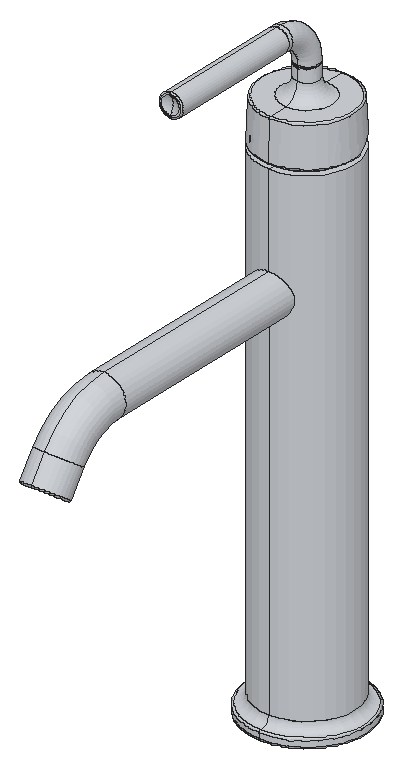
Revit family "Faucet-Lavatory-KOHLER-Purist-K-14404M_1", category Plumbing Fixtures, host Face, Revit 2017
Family settings
  Host = Face
  Round Connector Dimension = Use Diameter
  Part Type = Normal
  OmniClass Number = 23.31.11.00
  OmniClass Title = Faucets
  Cut with Voids When Loaded = No
  Shared = No
  Room Calculation Point = No
Parameters (values of type "CP-Polished Chrome")
  Width = 2 1/4"  # constant formula
  WaterSense Certified = 1 = 0  # no
  Waste Water Outlet = "Waste Water Outlet"  # constant formula
  Waste Connection = 1 = 0  # no
  Vent Connection = 1 = 0  # no
  URL = "https://la.kohler.com/es?country=MX"
  Type = 1
  Spout Reach = 6 1/4"  # constant formula
  Product Page URL = "https://la.kohler.com/es/product-detail/14404m-4a?skuid=K-14404M-4A-CP"
  Product Name = "Purist"  # constant formula
  Product Documentation Link = "http://resources.kohler.com/plumbing/kohlerla/pdf/14404T-4A%20PURIST%20Spec%20Sheet.pdf"
  Pressure = 0.00 psi
  Model = "K-14404M-4A-CP"  # constant formula
  Material = "Solid Brass Construction"  # constant formula
  Master Format 2014 Name = "Residential Faucets, Supplies, and Trim"  # constant formula
  Master Format 2014 = "22 41 39"  # constant formula
  Manufacturer Address = "KOHLER Co. 444 Highland Dr. Kohler, WI 53044"  # constant formula
  Manufacturer = "KOHLER Co."  # constant formula
  Length = Spout Reach  # 6 1/4"
  Hot Water Inlet = "Hot Water Inlet"  # constant formula
  Height = 12"  # constant formula
  Handle Clearance = 3 1/4"  # constant formula
  HW Connection = 1 = 1  # yes
  Flow Rate = 2.37 GPM  # constant formula
  Finish = Kohler-Metal-CP-Polished_Chrome
  Environmental Product Declaration = ""
  Drain Included = 1 = 0  # no
  Description = "Single lever basin mixer"  # constant formula
  Default Elevation = 36"
  Declare Label = ""
  Date Modified = "07/28/2020"  # constant formula
  Date Created = "07/28/2020"  # constant formula
  Copyright = "Copyright KOHLER Co."  # constant formula
  Contact Us = "https://la.kohler.com/es/contact-us-page"
  Cold Water Inlet = "Cold Water Inlet"  # constant formula
  CW Connection = 1 = 1  # yes
  Assembly Code = "D2010"
  ADA Compliant = 1 = 0  # no
Reference planes (in)
  plane 1 "Center (Front/Back)": y = 0
  plane 2: z = 0
  plane 3 "Center (Left/Right)": x = 0
  plane 4: x = 1.125
  plane 5: x = -1.125
  plane 6: z = 6.5
  plane 7: y = -6.25
  plane 8: y = -6.25
  plane 9: y = -3.25
  plane 10: z = 12
  plane 11: y = 1.125
  plane 12: y = -6.5636527
  plane 13: y = -1.125
  plane 14: x = -0.4045386
  plane 15: x = -0.2203338
  plane 16: x = 0.2203338
  plane 17: x = 0.4045386
  plane 18: x = -0.5908701
  plane 19: x = 0.5908701
  plane 20: z = 0.1700043
  plane 21: z = 0.3507654
  plane 22: x = -0.9098748
  plane 23: x = 0.9098748
  plane 24: z = 10.5397819
  plane 25: z = 9.6662017
  plane 26: y = 0.9098748
  plane 27: y = -0.9098748
  plane 28: z = 7.1132532
  plane 29: z = 7.9222937
Dimensions and locks (in)
  "Length": plane 1 "Center (Front/Back)" to plane 8
  plane 6 to host face = 6 1/2"
  "Width": plane 5 to plane 4
  "Height": plane 10 to level
  "Handle Clearance": plane 9 to plane 1 "Center (Front/Back)"
  "Spout Reach": plane 8 to plane 1 "Center (Front/Back)"
  aligned and locked: plane 2 to host face
  aligned and locked: level to host face
Automatic sketch dimensions
  host sketch curve to host sketch curve = 96"  (x2)
Nested families (in)
  nested 1: "K-14404M" at (0, 0, 0), type "K-14404M"
Connectors (in)
  piping at (-0.5908701, 0, 0), diameter 0.5, driven by "HW Connection", driven by "Flow Rate", driven by "Pressure", driven by "HW Connection", driven by "Hot Water Inlet"
    settings: on nested 1, index 1, connector inside diameter 24", connector length 0", flow factor 0, pipe flow 2.37 GPM, pressure drop 0.00 psi, fitting loss kfactor 0, connector angle 0.00°, fixture units 0, engagement length 0", angle of deflection 0.00°, flow configuration 1, flow direction 1, fitting loss method 0, system type 19, joint type 0, gender type 0, connector reference index -1, connector utility 1, adjustable connector yes, is connector primary yes, connector description "Hot Water Inlet"
  piping at (0.5908701, 0, 0), diameter 0.5, driven by "CW Connection", driven by "Flow Rate", driven by "Pressure", driven by "CW Connection", driven by "Cold Water Inlet"
    settings: on nested 1, index 2, connector inside diameter 24", connector length 0", flow factor 0, pipe flow 2.37 GPM, pressure drop 0.00 psi, fitting loss kfactor 0, connector angle 0.00°, fixture units 0, engagement length 0", angle of deflection 0.00°, flow configuration 1, flow direction 1, fitting loss method 0, system type 20, joint type 0, gender type 0, connector reference index -1, connector utility 1, adjustable connector yes, is connector primary no, connector description "Cold Water Inlet"
Definition of nested family "K-14404M"
  Parameters (values of type "K-14404M")
    Material = none
  Reference planes (in)
    plane 1 "Center (Front/Back)": y = 0
    plane 2: z = 0
    plane 3 "Center (Left/Right)": x = 0
    plane 4: y = -6.25
    plane 5: z = 12
    plane 6: y = 1.125
    plane 7: y = -1.125
    plane 8: z = 6.5
    plane 9: x = -1.125
    plane 10: x = 1.125
    plane 11: x = -0.5908701
  Forms (in)
    Revolve 1, solid, material <- "Material", detail levels medium+fine
      sketch origin (0, 0, 0) x (0, 1, 0) y (0, 0, 1)
        loop
          line (0, 0) -> (1.0948216, 0)
          arc (1.0948216, 0) -> (1.1161609, 0.0088391) -> (1.125, 0.0301784) r 0.0301784
          line (1.125, 0.0301784) -> (1.125, 0.1394723)
          arc (1.125, 0.1394723) -> (1.115861, 0.1612584) -> (1.0939142, 0.1700043) r 0.030537
          arc (1.0939142, 0.1700043) -> (0.963981, 0.2217838) -> (0.9098748, 0.3507654) r 0.1807903
          line (0.9098748, 0.3507654) -> (0.9098748, 9.6662017) -> (0.2301314, 9.6662017) -> (0.2301314, 10.3833969) -> (0.8274208, 10.3833969) -> (0.8490032, 9.7653587)
          arc (0.8490032, 9.7653587) -> (0.8541737, 9.7488183) -> (0.8670679, 9.7372398) r 0.032714
          arc (0.8670679, 9.7372398) -> (0.8922222, 9.7448516) -> (0.9089361, 9.7651328) r 0.0453692
          line (0.9089361, 9.7651328) -> (0.8829121, 10.5103634)
          arc (0.8829121, 10.5103634) -> (0.8736231, 10.5312267) -> (0.8524483, 10.5397819) r 0.0304823
          line (0.8524483, 10.5397819) -> (0.4785028, 10.5397819)
          arc (0.4785028, 10.5397819) -> (0.2974008, 10.6601367) -> (0.2247166, 10.8650764) r 0.3438529
          line (0.2247166, 10.8650764) -> (0.2203335, 11.0944245)
          arc (0.2203335, 11.0944245) -> (0.214153, 11.1087608) -> (0.1997012, 11.1146662) r 0.0206361
          arc (0.1997012, 11.1146662) -> (0.2141583, 11.1205768) -> (0.2203338, 11.1349228) r 0.0206361
          line (0.2203338, 11.1349228) -> (0, 11.1349228) -> (0, 0)
        axis (0, 0) -> (0, 11.1349228)
      angle from 0 to 360
    Sweep 2, solid, material <- "Material", detail levels medium+fine
      path origin (0, 0, 0.2662017) x (0, 1, 0) y (0, 0, 1)
        loop
          line (-0.7051607, 11.5134646) -> (-0.6249287, 11.5134646)
          arc (-0.6249287, 11.5134646) -> (-0.181871, 11.3176727) -> (0, 10.8687211) r 0.6450576
      profile origin (0, -0.6249287, 11.7796662) x (0, 0.031205, 0.999513) y (1, 0, 0)
        loop
          circle (0, 0) r 0.2203338
    Revolve 3, solid, material <- "Material", detail levels medium+fine
      sketch origin (0, 0, 0.2662017) x (0, 1, 0) y (0, 0, 1)
        loop
          line (-0.7051607, 11.5134646) -> (-0.7051607, 11.7337983) -> (-3.2294383, 11.7337983)
          arc (-3.2294383, 11.7337983) -> (-3.2439776, 11.727776) -> (-3.25, 11.7132366) r 0.0205617
          line (-3.25, 11.7132366) -> (-3.25, 11.681661)
          arc (-3.25, 11.681661) -> (-3.2127604, 11.6012008) -> (-3.1999943, 11.5134646) r 0.3078707
          line (-3.1999943, 11.5134646) -> (-0.7051607, 11.5134646)
        axis (-0.7051607, 11.5134646) -> (-3.25, 11.5134646)
      angle from 0 to 360
    Sweep 4, solid, material <- "Material", detail levels medium+fine
      path origin (0, 0, -0.0322266) x (0, 1, 0) y (0, 0, 1)
        loop
          line (-0.725, 7.55) -> (-4.8273691, 7.55)
          arc (-4.8273691, 7.55) -> (-5.4442653, 7.3990465) -> (-5.9217562, 6.9802981) r 1.336
      profile origin (0, -0.725, 7.5177734) x (0, 0, -1) y (1, 0, 0)
        loop
          circle (0, 0) r 0.4045202
    Revolve 5, solid, material <- "Material", detail levels medium+fine
      sketch origin (0, 0, 0.2573898) x (0, 1, 0) y (0, 0, 1)
        loop
          line (0, 9.4088118) -> (0.7728411, 9.4088118)
          arc (0.7728411, 9.4088118) -> (0.7316782, 9.4287456) -> (0.7150001, 9.4713318) r 0.0627092
          line (0.7150001, 9.4713318) -> (0.7150001, 9.7287423) -> (0.6929655, 9.7507769) -> (0, 9.7507769) -> (0, 9.4088118)
        axis (0, 9.4088118) -> (0, 9.7507769)
      angle from 0 to 360
    Extrusion 6, void
      sketch origin (0, 0.0030918, 0.233025) x (0, 1, 0) y (0, 0, 1)
        loop
          line (0.9537908, 9.7586013) -> (0.6917161, 9.7586013)
          arc (0.6917161, 9.7586013) -> (0.6534494, 9.7545793) -> (0.6168552, 9.7426891) r 0.1840527
          line (0.6168552, 9.7426891) -> (-0.0485036, 9.4464523) -> (0.9537908, 9.4464523) -> (0.9537908, 9.7586013)
      from -1.0564956 to 1.2496968
    Revolve 7, solid, material <- "Material", detail levels medium+fine
      sketch origin (0, 0, -0.0322266) x (0, 1, 0) y (0, 0, 1)
        loop
          line (-6.2377969, 6.5289453) -> (-5.9217562, 6.9802981) -> (-6.2531198, 7.2123214) -> (-6.5595432, 6.7747035)
          arc (-6.5595432, 6.7747035) -> (-6.5629834, 6.7591857) -> (-6.5544433, 6.7457805) r 0.0207671
          line (-6.5544433, 6.7457805) -> (-6.4972203, 6.7057125) -> (-6.4169993, 6.7437484) -> (-6.4589679, 6.683811) -> (-6.2377969, 6.5289453)
        axis (-6.2400912, 6.5256687) -> (-5.9217562, 6.9802981)
      angle from 0 to 360
    Extrusion 8, void
      sketch origin (0, 0, 0) x (1, 0, 0) y (0, 0, 1)
        loop
          circle (0, 10.2984538) r 0.1800096
      from -1.0898107 to -0.6004194
    Revolve 9, solid, material <- "Material", detail levels medium+fine
      sketch origin (0, 0, 0.25) x (0, 1, 0) y (0, 0, 1)
        loop
          line (0.7601772, 10.0483466) -> (0.9141853, 10.0483466)
          arc (0.9141853, 10.0483466) -> (0.9100062, 10.1258773) -> (0.8975174, 10.2025096) r 0.7212704
          arc (0.8975174, 10.2025096) -> (0.8758445, 10.2200747) -> (0.8539354, 10.2028051) r 0.0223407
          line (0.8539354, 10.2028051) -> (0.8111518, 10.2028051) -> (0.8111518, 10.2709159) -> (0.7601772, 10.2709159) -> (0.7601772, 10.0483466)
        axis (0.7601772, 10.0483466) -> (0.9141853, 10.0483466)
      angle from 0 to 360
    Revolve 10, solid, material <- "Material", detail levels coarse
      sketch origin (0, 0, 0) x (0, 1, 0) y (0, 0, 1)
        loop
          line (0, 0) -> (1.125, 0) -> (1.125, 0.25) -> (0.9098748, 0.25) -> (0.9098748, 9.6662017) -> (0.9098748, 10.5397819) -> (0, 10.5397819) -> (0, 0)
        axis (0, 0) -> (0, 10.5397819)
      angle from 0 to 360
    Sweep 11, solid, material <- "Material", detail levels coarse
      path origin (0, 0, 0) x (0, 1, 0) y (0, 0, 1)
        loop
          line (0, 10.5397819) -> (0, 11.1146662)
          arc (0, 11.1146662) -> (-0.1688503, 11.5823361) -> (-0.6252338, 11.7796672) r 0.6264229
          line (-0.6252338, 11.7796672) -> (-3.25, 11.7796672)
      profile origin (0, 0, 11.1146662) x (0, -1, 0) y (1, 0, 0)
        loop
          circle (0, 0) r 0.2315912
    Sweep 12, solid, material <- "Material", detail levels coarse
      path origin (0, 0, 0) x (0, 1, 0) y (0, 0, 1)
        loop
          line (-6.2400912, 6.4934422) -> (-5.9217562, 6.9480716)
          arc (-5.9217562, 6.9480716) -> (-5.4471148, 7.3653368) -> (-4.8337976, 7.5177734) r 1.3360366
          line (-4.8337976, 7.5177734) -> (-0.5837976, 7.5177734)
      profile origin (0, -2.7087976, 7.5177734) x (0, 0, -1) y (1, 0, 0)
        loop
          circle (0, 0) r 0.4315664
    Extrusion 13, solid, material <- "Material", detail levels medium+fine
      sketch origin (0, 0, 0) x (1, 0, 0) y (0, 1, 0)
        loop
          circle (-0.5908701, 0) r 0.25
        loop
          circle (0.5908701, 0) r 0.25
      from 0 to 0.1015625
  Cuts and joins
    Extrusion 6, Extrusion 8 cuts Revolve 1
    joined: Revolve 1, Revolve 3, Sweep 4, Revolve 5
    joined: Sweep 2, Revolve 7
    joined: Revolve 10, Sweep 11, Sweep 12
  Lines and regions (in)
    Masking region 1
      outline origin (0, 0, 0) x (0, 1, 0) y (0, 0, 1)
        loop
          line (0, 0) -> (1.0948216, 0)
          arc (1.0948216, 0) -> (1.1161609, 0.0088391) -> (1.125, 0.0301784) r 0.0301784
          line (1.125, 0.0301784) -> (1.125, 0.1394723)
          arc (1.125, 0.1394723) -> (1.115861, 0.1612584) -> (1.0939142, 0.1700043) r 0.030537
          arc (1.0939142, 0.1700043) -> (0.963981, 0.2217838) -> (0.9098748, 0.3507654) r 0.1807903
          line (0.9098748, 0.3507654) -> (0.9098748, 9.6662017) -> (0.7728411, 9.6662017)
          arc (0.7728411, 9.6662017) -> (0.7316782, 9.6861354) -> (0.7150001, 9.7287216) r 0.0627092
          line (0.7150001, 9.7287216) -> (0.7150001, 9.9916264) -> (0.9010268, 9.9916264) -> (0.8959445, 10.1371625)
          arc (0.8959445, 10.1371625) -> (0.9096106, 10.2172401) -> (0.9141853, 10.2983466) r 0.7212704
          arc (0.9141853, 10.2983466) -> (0.9063255, 10.404536) -> (0.8829177, 10.5084111) r 0.7212704
          arc (0.8829177, 10.5084111) -> (0.8743144, 10.5305374) -> (0.8524483, 10.5397819) r 0.0304823
          line (0.8524483, 10.5397819) -> (0.4785028, 10.5397819)
          arc (0.4785028, 10.5397819) -> (0.2974008, 10.6601367) -> (0.2247166, 10.8650764) r 0.3438529
          line (0.2247166, 10.8650764) -> (0.2203335, 11.0944245)
          arc (0.2203335, 11.0944245) -> (0.214153, 11.1087608) -> (0.1997012, 11.1146662) r 0.0206361
          arc (0.1997012, 11.1146662) -> (0.2141583, 11.1205768) -> (0.2203338, 11.1349228) r 0.0206361
          arc (0.2203338, 11.1349228) -> (-0.0317833, 11.7465065) -> (-0.6427977, 12) r 0.8631337
          line (-0.6427977, 12) -> (-3.2288774, 12)
          arc (-3.2288774, 12) -> (-3.2438133, 11.9938133) -> (-3.25, 11.9788774) r 0.0211226
          line (-3.25, 11.9788774) -> (-3.25, 11.580455)
          arc (-3.25, 11.580455) -> (-3.2438133, 11.5655191) -> (-3.2288774, 11.5593324) r 0.0211226
          line (-3.2288774, 11.5593324) -> (-0.6451467, 11.5593304)
          arc (-0.6451467, 11.5593304) -> (-0.3449018, 11.4350489) -> (-0.2203338, 11.1349228) r 0.4248131
          arc (-0.2203338, 11.1349228) -> (-0.2141583, 11.1205768) -> (-0.1997012, 11.1146662) r 0.0206361
          arc (-0.1997012, 11.1146662) -> (-0.214153, 11.1087608) -> (-0.2203335, 11.0944245) r 0.0206361
          line (-0.2203335, 11.0944245) -> (-0.2247166, 10.8650764)
          arc (-0.2247166, 10.8650764) -> (-0.2974008, 10.6601367) -> (-0.4785028, 10.5397819) r 0.3438529
          line (-0.4785028, 10.5397819) -> (-0.8524483, 10.5397819)
          arc (-0.8524483, 10.5397819) -> (-0.8736231, 10.5312267) -> (-0.8829121, 10.5103634) r 0.0304823
          line (-0.8829121, 10.5103634) -> (-0.9089361, 9.7651328)
          arc (-0.9089361, 9.7651328) -> (-0.8922222, 9.7448516) -> (-0.8670679, 9.7372398) r 0.0453692
          line (-0.8670679, 9.7372398) -> (-0.7155813, 9.7372398)
          arc (-0.7155813, 9.7372398) -> (-0.7288859, 9.6893678) -> (-0.7728411, 9.6662017) r 0.0627092
          line (-0.7728411, 9.6662017) -> (-0.9098748, 9.6662017) -> (-0.9098748, 7.9222937) -> (-4.8268613, 7.9222937)
          arc (-4.8268613, 7.9222937) -> (-5.6309945, 7.7255235) -> (-6.2534111, 7.1796789) r 1.7414956
          line (-6.2534111, 7.1796789) -> (-6.5595497, 6.7424676)
          arc (-6.5595497, 6.7424676) -> (-6.562988, 6.7269584) -> (-6.5544526, 6.7135604) r 0.0207558
          line (-6.5544526, 6.7135604) -> (-5.9257298, 6.2733239)
          arc (-5.9257298, 6.2733239) -> (-5.9102205, 6.2698856) -> (-5.8968225, 6.2784211) r 0.0207558
          line (-5.8968225, 6.2784211) -> (-5.5901055, 6.7164584)
          arc (-5.5901055, 6.7164584) -> (-5.2575352, 7.0081148) -> (-4.8278698, 7.1132532) r 0.9305179
          line (-4.8278698, 7.1132532) -> (-0.9098748, 7.1132532) -> (-0.9098748, 0.3507654)
          arc (-0.9098748, 0.3507654) -> (-0.963981, 0.2217838) -> (-1.0939142, 0.1700043) r 0.1807903
          arc (-1.0939142, 0.1700043) -> (-1.115861, 0.1612584) -> (-1.125, 0.1394723) r 0.030537
          line (-1.125, 0.1394723) -> (-1.125, 0.0301784)
          arc (-1.125, 0.0301784) -> (-1.1161609, 0.0088391) -> (-1.0948216, 0) r 0.0301784
          line (-1.0948216, 0) -> (0, 0)
    Masking region 2
      outline origin (0, 0, 0) x (1, 0, 0) y (0, 0, 1)
        loop
          line (0, 0) -> (1.0948216, 0)
          arc (1.0948216, 0) -> (1.1161609, 0.0088391) -> (1.125, 0.0301784) r 0.0301784
          line (1.125, 0.0301784) -> (1.125, 0.1394723)
          arc (1.125, 0.1394723) -> (1.115861, 0.1612584) -> (1.0939142, 0.1700043) r 0.030537
          arc (1.0939142, 0.1700043) -> (0.963981, 0.2217838) -> (0.9098748, 0.3507654) r 0.1807903
          line (0.9098748, 0.3507654) -> (0.9098748, 8.1547645) -> (0.9098748, 9.6662017) -> (0.7728411, 9.6662017)
          arc (0.7728411, 9.6662017) -> (0.7288859, 9.6893678) -> (0.7155813, 9.7372398) r 0.0627092
          line (0.7155813, 9.7372398) -> (0.8670679, 9.7372398)
          arc (0.8670679, 9.7372398) -> (0.8922222, 9.7448516) -> (0.9089361, 9.7651328) r 0.0453692
          line (0.9089361, 9.7651328) -> (0.8829121, 10.5103634)
          arc (0.8829121, 10.5103634) -> (0.8736231, 10.5312267) -> (0.8524483, 10.5397819) r 0.0304823
          line (0.8524483, 10.5397819) -> (0.4785028, 10.5397819)
          arc (0.4785028, 10.5397819) -> (0.2974008, 10.6601367) -> (0.2247166, 10.8650764) r 0.3438529
          line (0.2247166, 10.8650764) -> (0.2203335, 11.0944245)
          arc (0.2203335, 11.0944245) -> (0.214153, 11.1087608) -> (0.1997012, 11.1146662) r 0.0206361
          arc (0.1997012, 11.1146662) -> (0.2141583, 11.1205768) -> (0.2203338, 11.1349228) r 0.0206361
          line (0.2203338, 11.1349228) -> (0.2203338, 11.7796662)
          arc (0.2203338, 11.7796662) -> (0.1557995, 11.9354657) -> (0, 12) r 0.2203338
          arc (0, 12) -> (-0.1557995, 11.9354657) -> (-0.2203338, 11.7796662) r 0.2203338
          line (-0.2203338, 11.7796662) -> (-0.2203338, 11.1349228)
          arc (-0.2203338, 11.1349228) -> (-0.2141583, 11.1205768) -> (-0.1997012, 11.1146662) r 0.0206361
          arc (-0.1997012, 11.1146662) -> (-0.214153, 11.1087608) -> (-0.2203335, 11.0944245) r 0.0206361
          line (-0.2203335, 11.0944245) -> (-0.2247166, 10.8650764)
          arc (-0.2247166, 10.8650764) -> (-0.2974008, 10.6601367) -> (-0.4785028, 10.5397819) r 0.3438529
          line (-0.4785028, 10.5397819) -> (-0.8524483, 10.5397819)
          arc (-0.8524483, 10.5397819) -> (-0.8736231, 10.5312267) -> (-0.8829121, 10.5103634) r 0.0304823
          line (-0.8829121, 10.5103634) -> (-0.9089361, 9.7651328)
          arc (-0.9089361, 9.7651328) -> (-0.8922222, 9.7448516) -> (-0.8670679, 9.7372398) r 0.0453692
          line (-0.8670679, 9.7372398) -> (-0.7155813, 9.7372398)
          arc (-0.7155813, 9.7372398) -> (-0.7288859, 9.6893678) -> (-0.7728411, 9.6662017) r 0.0627092
          line (-0.7728411, 9.6662017) -> (-0.9098748, 9.6662017) -> (-0.9098748, 0.3507654)
          arc (-0.9098748, 0.3507654) -> (-0.963981, 0.2217838) -> (-1.0939142, 0.1700043) r 0.1807903
          arc (-1.0939142, 0.1700043) -> (-1.115861, 0.1612584) -> (-1.125, 0.1394723) r 0.030537
          line (-1.125, 0.1394723) -> (-1.125, 0.0301784)
          arc (-1.125, 0.0301784) -> (-1.1161609, 0.0088391) -> (-1.0948216, 0) r 0.0301784
          line (-1.0948216, 0) -> (0, 0)
    Masking region 3
      outline origin (0, 0, 0) x (1, 0, 0) y (0, 1, 0)
        loop
          arc (0.4045386, -1.0497493) -> (0, 1.125) -> (-0.4045386, -1.0497493) r 1.125
          line (-0.4045386, -1.0497493) -> (-0.4045386, -6.2259441)
          arc (-0.4045386, -6.2259441) -> (-0.3777546, -6.3496583) -> (-0.3021994, -6.4512162) r 0.2991073
          arc (-0.3021994, -6.4512162) -> (-0.161378, -6.5349524) -> (0, -6.5632285) r 0.4538228
          arc (0, -6.5632285) -> (0.161378, -6.5349524) -> (0.3021994, -6.4512162) r 0.4538228
          arc (0.3021994, -6.4512162) -> (0.3777546, -6.3496583) -> (0.4045386, -6.2259441) r 0.2991073
          line (0.4045386, -6.2259441) -> (0.4045386, -1.0497493)
    symbolic lines, detail levels medium+fine
      curve 1: arc (0.2203338, -0.8827939, 0) -> (0, 0.9098748, 0) -> (-0.2203338, -0.8827939, 0) r 0.9098748
      curve 2: arc (-0.2203338, 0, 0) -> (0, 0.2203338, 0) -> (0.2203338, 0, 0) r 0.2203338
      curve 3: line (-0.2203338, 0, 0) -> (-0.2203338, -3.2309174, 0)
      curve 4: line (0, -3.25, 0) -> (-0.2012512, -3.25, 0)
      curve 5: arc (-0.2012512, -3.25, 0) -> (-0.2147446, -3.2444108, 0) -> (-0.2203338, -3.2309174, 0) r 0.0190826
      curve 6: line (0.2203338, 0, 0) -> (0.2203338, -3.2309174, 0)
      curve 7: line (0, -3.25, 0) -> (0.2012512, -3.25, 0)
      curve 8: arc (0.2012512, -3.25, 0) -> (0.2147446, -3.2444108, 0) -> (0.2203338, -3.2309174, 0) r 0.0190826
      curve 9: line (-0.4045386, -1.0497493, 0) -> (-0.4045386, -0.8149973, 0)
      curve 10: line (0.4045386, -1.0497493, 0) -> (0.4045386, -0.8149973, 0)
      curve 11: arc (0.2203338, -0.4247564, 0) -> (0, 0.4785028, 0) -> (-0.2203338, -0.4247564, 0) r 0.4785028
      curve 12: arc (-0.1601181, 0.8956753, 0) -> (0, 0.9152965, 0) -> (0.1601181, 0.8956753, 0) r 0.6631325
      curve 13: spline (-0.4045202, -5.9217562, 0) -> (-0.3907365, -6.0075194, 0) -> (-0.3503248, -6.087438, 0) -> (-0.286039, -6.1560657, 0) -> (-0.2022601, -6.2087255, 0) -> (-0.1046975, -6.2418289, 0) -> (0, -6.2531198, 0) -> (0.1046975, -6.2418289, 0) -> (0.2022601, -6.2087255, 0) -> (0.286039, -6.1560657, 0) -> (0.3503248, -6.087438, 0) -> (0.3907365, -6.0075194, 0) -> (0.4045202, -5.9217562, 0)
      curve 14: line (0, 0.1997012, 11.1146662) -> (0, -0.1997012, 11.1146662)
      curve 15: line (0, 0.4785028, 10.5397819) -> (0, -0.4785028, 10.5397819)
      curve 16: arc (0, 0.8829177, 10.5084111) -> (0, 0.8729193, 10.3220928) -> (0, 0.8958902, 10.1369259) r 1.0553215
      curve 17: line (0, 0.6199469, 9.9757142) -> (0, 0.0843246, 9.7372398)
      curve 18: line (0, -0.7155813, 9.7372398) -> (0, 0.0843246, 9.7372398)
      curve 19: line (0, -0.9089361, 9.7651328) -> (0, 0.0797463, 9.7651328)
      curve 20: arc (0, 0.7150001, 9.9916264) -> (0, 0.6664616, 9.989715) -> (0, 0.6199469, 9.9757142) r 0.1925029
      curve 21: line (0, 0.6088252, 10.000694) -> (0, 0.0797463, 9.7651328)
      curve 22: arc (0, 0.7173801, 10.0188664) -> (0, 0.661947, 10.0166835) -> (0, 0.6088252, 10.000694) r 0.2198466
      curve 23: line (0, 0.7173801, 10.0188664) -> (0, 0.9000755, 10.0188664)
      curve 24: line (0, 0.7728411, 9.6662017) -> (0, -0.7728411, 9.6662017)
      curve 25: line (0, -0.9098748, 7.1132532) -> (0, -0.9098748, 7.9222937)
      curve 26: line (0, 1.0939142, 0.1700043) -> (0, -1.0939142, 0.1700043)
      curve 27: line (0, -0.9098748, 0.3507654) -> (0, 0.9098748, 0.3507654)
      curve 28: line (0, -6.2531198, 7.1800948) -> (0, -5.5903927, 6.7160483)
      curve 29: arc (-0.2203338, 0, 11.7796662) -> (0, 0, 11.5593324) -> (0.2203338, 0, 11.7796662) r 0.2203338
      curve 30: line (-0.1997012, 0, 11.1146662) -> (0.1997012, 0, 11.1146662)
      curve 31: line (-0.4785028, 0, 10.5397819) -> (0.4785028, 0, 10.5397819)
      curve 32: line (-0.7155813, 0, 9.7372398) -> (0.7155813, 0, 9.7372398)
      curve 33: line (0.7728411, 0, 9.6662017) -> (-0.7728411, 0, 9.6662017)
      curve 34: arc (-0.4045202, 0, 7.5177734) -> (0, 0, 7.9222937) -> (0.4045202, 0, 7.5177734) r 0.4045202
      curve 35: line (-0.4045202, 0, 7.5177734) -> (-0.4045202, 0, 6.5)
      curve 36: line (0.4045202, 0, 7.5177734) -> (0.4045202, 0, 6.5)
      curve 37: spline (0, 0, 6.6734859) -> (0.0812424, 0, 6.6673511) -> (0.1569483, 0, 6.6493646) -> (0.2219585, 0, 6.6207523) -> (0.2718425, 0, 6.583464) -> (0.3032009, 0, 6.5400409) -> (0.3138967, 0, 6.4934422) -> (0.3032009, 0, 6.4468434) -> (0.2718425, 0, 6.4034203) -> (0.2219585, 0, 6.366132) -> (0.1569483, 0, 6.3375197) -> (0.0812424, 0, 6.3195333) -> (0, 0, 6.3133984)
      curve 38: spline (0, 0, 6.3133984) -> (-0.0812424, 0, 6.3195333) -> (-0.1569483, 0, 6.3375197) -> (-0.2219585, 0, 6.366132) -> (-0.2718425, 0, 6.4034203) -> (-0.3032009, 0, 6.4468434) -> (-0.3138967, 0, 6.4934422) -> (-0.3032009, 0, 6.5400409) -> (-0.2718425, 0, 6.583464) -> (-0.2219585, 0, 6.6207523) -> (-0.1569483, 0, 6.6493646) -> (-0.0812424, 0, 6.6673511) -> (0, 0, 6.6734859)
      curve 39: spline (0, 0, 6.3418531) -> (-0.0698811, 0, 6.3471301) -> (-0.135, 0, 6.3626012) -> (-0.1909188, 0, 6.3872122) -> (-0.2338269, 0, 6.419286) -> (-0.2608, 0, 6.4566366) -> (-0.27, 0, 6.4967188) -> (-0.2608, 0, 6.536801) -> (-0.2338269, 0, 6.5741516) -> (-0.1909188, 0, 6.6062253) -> (-0.135, 0, 6.6308364) -> (-0.0698811, 0, 6.6463075) -> (0, 0, 6.6515844)
      curve 40: spline (0, 0, 6.6515844) -> (0.0698811, 0, 6.6463075) -> (0.135, 0, 6.6308364) -> (0.1909188, 0, 6.6062253) -> (0.2338269, 0, 6.5741516) -> (0.2608, 0, 6.536801) -> (0.27, 0, 6.4967188) -> (0.2608, 0, 6.4566366) -> (0.2338269, 0, 6.419286) -> (0.1909188, 0, 6.3872122) -> (0.135, 0, 6.3626012) -> (0.0698811, 0, 6.3471301) -> (0, 0, 6.3418531)
      curve 41: spline (0.2648963, 0, 6.5266875) -> (0.2460822, 0, 6.492931) -> (0.2143813, 0, 6.4625117) -> (0.1714538, 0, 6.4370224) -> (0.1195476, 0, 6.4177982) -> (0.061381, 0, 6.4058456) -> (0, 0, 6.4017906) -> (-0.061381, 0, 6.4058456) -> (-0.1195476, 0, 6.4177982) -> (-0.1714538, 0, 6.4370224) -> (-0.2143813, 0, 6.4625117) -> (-0.2460822, 0, 6.492931) -> (-0.2648963, 0, 6.5266875)
      curve 42: arc (-0.2018428, 0, 6.3008461) -> (-0.1021191, 0, 6.2775002) -> (0, 0, 6.2696569) r 0.6687145
      curve 43: arc (-0.3322244, 0, 6.3716932) -> (-0.2704292, 0, 6.3300206) -> (-0.2018428, 0, 6.3008461) r 0.3905578
      curve 44: arc (-0.390629, 0, 6.4485136) -> (-0.3658999, 0, 6.4067025) -> (-0.3322244, 0, 6.3716932) r 0.2099658
      curve 45: arc (-0.4045202, 0, 6.5) -> (-0.3995691, 0, 6.4737187) -> (-0.390629, 0, 6.4485136) r 0.1731134
      curve 46: arc (0.2018428, 0, 6.3008461) -> (0.1021191, 0, 6.2775002) -> (0, 0, 6.2696569) r 0.6687145
      curve 47: arc (0.3322244, 0, 6.3716932) -> (0.2704292, 0, 6.3300206) -> (0.2018428, 0, 6.3008461) r 0.3905578
      curve 48: arc (0.390629, 0, 6.4485136) -> (0.3658999, 0, 6.4067025) -> (0.3322244, 0, 6.3716932) r 0.2099658
      curve 49: arc (0.4045202, 0, 6.5) -> (0.3995691, 0, 6.4737187) -> (0.390629, 0, 6.4485136) r 0.1731134
      curve 50: spline (-0.4045202, 0, 6.9480716) -> (-0.3907365, 0, 7.0081236) -> (-0.3503248, 0, 7.0640832) -> (-0.286039, 0, 7.1121368) -> (-0.2022601, 0, 7.1490096) -> (-0.1046975, 0, 7.1721888) -> (0, 0, 7.1800948) -> (0.1046975, 0, 7.1721888) -> (0.2022601, 0, 7.1490096) -> (0.286039, 0, 7.1121368) -> (0.3503248, 0, 7.0640832) -> (0.3907365, 0, 7.0081236) -> (0.4045202, 0, 6.9480716)
      curve 51: line (-1.0939142, 0, 0.1700043) -> (1.0939142, 0, 0.1700043)
      curve 52: line (0.9098748, 0, 0.3507654) -> (-0.9098748, 0, 0.3507654)
  Dimensions and locks (in)
    plane 5 to plane 2 = 12"
    plane 1 "Center (Front/Back)" to plane 4 = 6 1/4"
    plane 8 to plane 2 = 6 1/2"
    aligned and locked: plane 2 to level
